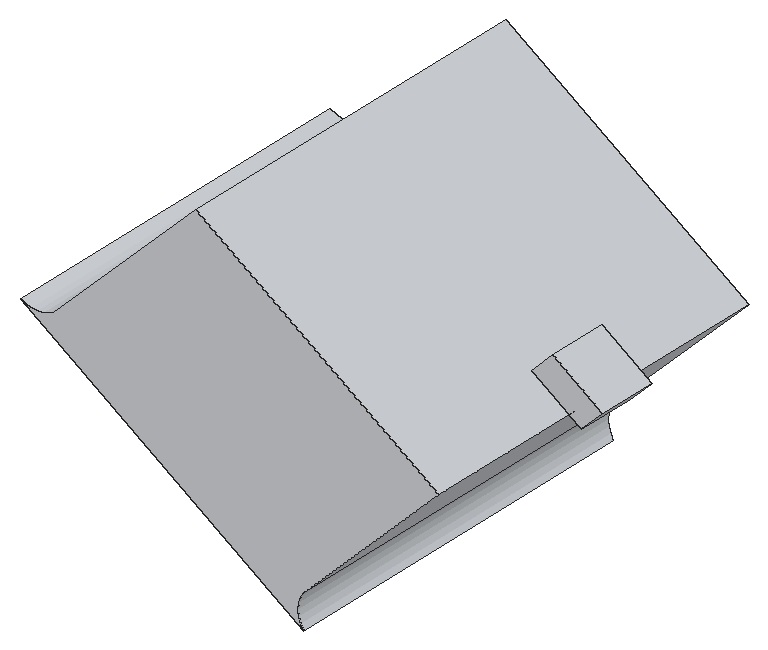
Revit family "DR-85", category Generic Models, Revit 2012
Parameters
  Voltage = "25V, 120V or Millivolt"
  URL = "www.DetroitRadiant.com"
  Top Clearance = 3' - 6"
  Side Clearances = 4' - 0"
  Weight = "36 Pounds"
  Recommended Mounting Height = "16' to 18'"
  Model = "DR-85"
  Manufacturer = "Detroit Radiant Products Company"
  Heat Gain = 85000.0 Btu/h
  Gas Type = "N or LP"
  Below Clearance = 8' - 2"
  Back Clearance = 2' - 6"
Reference planes (in)
  plane 1 "Center (Front/Back)": y = 0
  plane 2: z = 0
  plane 3 "Center (Left/Right)": x = 0
Forms (in)
  Extrusion 1, solid
    sketch origin (0, 0, 0) x (1, 0, 0) y (0, 0, 1)
      loop
        arc (-16.28332, 12.97717) -> (-17.40832, 12.62246) -> (-18.53332, 12.97717) r 1.96138
        line (-18.53332, 12.97717) -> (0, 0)
        arc (0, 0) -> (-0.35471, 1.125) -> (0, 2.25) r 1.96138
        line (0, 2.25) -> (8.84129, 11.09129) -> (-7.04529, 22.21519) -> (-16.28332, 12.97717)
    from 0 to 25.375
  Extrusion 2, solid
    sketch origin (0, -10.6875, 0) x (1, 0, 0) y (0, 0, 1)
      loop
        line (8.84129, 11.09129) -> (9.66044, 10.51772) -> (11.07466, 11.93193) -> (7.79805, 14.22623) -> (6.38384, 12.81202) -> (8.84129, 11.09129)
    from 0 to 4
Lines and regions (in)
  model lines
    curve 1: line (0, 0, 0) -> (-18.53332, 0, 12.97717)
    curve 2: arc (-18.53332, 0, 12.97717) -> (-17.40832, 0, 12.62246) -> (-16.28332, 0, 12.97717) r 1.96138
    curve 3: line (8.84129, 0, 11.09129) -> (-7.04529, 0, 22.21519)
    curve 4: line (-16.28332, 0, 12.97717) -> (-7.04529, 0, 22.21519)
    curve 5: arc (0, 0, 0) -> (-0.35471, 0, 1.125) -> (0, 0, 2.25) r 1.96138
    curve 6: line (0, 0, 2.25) -> (8.84129, 0, 11.09129)
Dimensions and locks (in)
  aligned and locked: plane 2 to level
